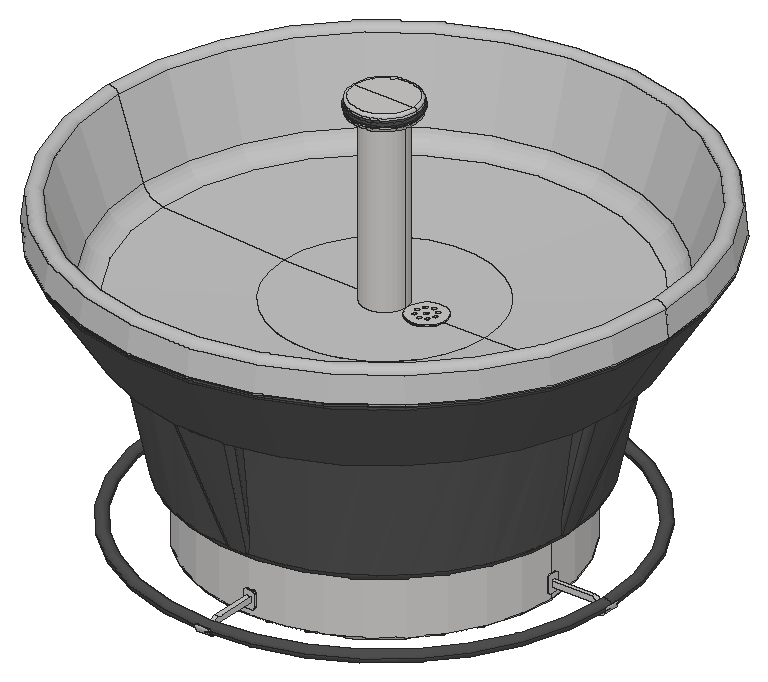
Revit family "Washfountain_Lavatory-Bradley_Corp-WF2808-Type_O_Drain", category Plumbing Fixtures, Revit 2012
Parameters
  Width = 54.000"
  Warranty Information = ""
  WFU = 0
  Voltage = 110 V
  Version = "2.0"
  URL = "http://www.bradleycorp.com/"
  Towel Dispenser Holder [instance] = if((Soap Dispenser), 6.000", 15.000")  # 15.000"
  Towel Dispenser Height [instance] = if((Sensor Module), 55.750", 52.250")  # 52.250"
  TouchTime® Control [instance] = no
  Technical Data = ""
  Supply Height [instance] = if(and(Sensor Module, Soap Dispenser, Towel Dispenser), 72.063", if(and(Sensor Module, Soap Dispenser, No Towel Dispenser), 49.750", if(and(Sensor Module, No Soap Dispenser, No Towel Dispenser), 40.750", if(and(Sensor Module, No Soap Dispenser, Towel Dispenser), 72.063", if(and(No Sensor Module, No Soap Dispenser, No Towel Dispenser), 37.250", if(and(No Sensor Module, No Soap Dispenser, Towel Dispenser), 68.563", if(and(No Sensor Module, Soap Dispenser, Towel Dispenser), 68.563", 46.250")))))))  # 37.250"
  Spray Head Height = 37.250"
  Specifications URL = "http://www.bradleycorp.com/3partspec"
  Soap Dispenser Holder [instance] = 3.000"  # constant formula
  Soap Dispenser Height [instance] = if((Sensor Module), 49.750", 46.250")  # 46.250"
  Sensor Module Height = 40.750"
  Sensor Module [instance] = or(not(Foot Control Valve), TouchTime® Control, Air Valve Hand Control, Adaptive Infrared Activation Control)  # no
  Rim Height = 29.000"
  Product Tech Data URL - Spanish = ""
  Product Tech Data URL - French = ""
  Product Tech Data URL - English = "http://bradleycorp.com/download/1241/2015.pdf"
  Pedestal Material = Plastic - Bradley Corp - Black
  Pedestal Height = 26.000"
  Operating Water Pressure Range = "20 - 80 PSI"
  OmniClass Table 23 Title = "Sinks/Lavatories"
  OmniClass Table 23 Number = "23-31 13 00"
  OmniClass Table 21 Title = "Plumbing Fixtures"
  OmniClass Table 21 Number = "21-04 20 10 60"
  No Towel Dispenser [instance] = not(Towel Dispenser)  # yes
  No Soap Dispenser [instance] = not(Soap Dispenser)  # yes
  No Sensor Module [instance] = not(Sensor Module)  # yes
  Modeling Code = ""
  Model = "WF2808"
  Material Note = "Other Terrazzo colors available - See www.bradleycorp.com "
  MasterFormat Title = "Commercial Lavatories and Sinks"
  MasterFormat Number = "22 42 16"
  Manufacturer = "Bradley Corp"
  Industry Standards = "ANSI Z124.3, Z124.6 and ANSI/ICPA SS-1-2001"
  Hot Lavatory Inlet Radius = Hot Lavatory Inlet / 2  # 1/4"
  Hot Lavatory Inlet = 1/2"
  HWFU = 0
  Frequency = 50 Hz
  Foot Control Valve [instance] = not(or(TouchTime® Control, Air Valve Hand Control, Adaptive Infrared Activation Control))  # yes
  Flow Rate = 5.0 GPM
  Fire Rating = "n/a"
  Drain Radius = Drain / 2  # 1"
  Drain = 2"
  Description = "Washfountain, 54\" Circular with 9\" Deep Bowl"
  Copyright = "This Model Data is Property of Bradley Corporation"
  Cold Lavatory Inlet Radius = Cold Lavatory Inlet / 2  # 1/4"
  Cold Lavatory Inlet = 1/2"
  CWFU = 0
  Buy American Act = "No"
  Button Visibility [instance] = or(TouchTime® Control, Air Valve Hand Control)  # no
  Bowl Material [instance] = Stone - Bradley Corp - Carbon
  Assembly Code = "D2010300"
  Air Valve Hand Control [instance] = no
  Adaptive Infrared Activation Control [instance] = no
  ADA Compliant = "Yes"
  Soap Dispenser [instance] = no
  Towel Dispenser [instance] = no
Reference planes (in)
  plane 1 "Center (Front/Back)": y = 0
  plane 2: z = 0
  plane 3 "Center (Left/Right)": x = 0
  plane 4 "Left": x = -27
  plane 5 "Right": x = 27
  plane 6 "Front": y = -27
  plane 7 "Back": y = 27
  plane 8 "Towel Dispenser": z = 52.25
  plane 9 "Soap Dispenser": z = 46.25
  plane 10 "Sensor Module": z = 40.75
  plane 11 "Spray Head": z = 37.25
  plane 12 "Rim Height": z = 29
  plane 13: z = 40.25
  plane 14 "Pedestal Height": z = 26
Forms (in)
  Revolve 1, solid, material "Stone - Bradley Corp - Carbon" <- "Bowl Material", detail levels medium+fine
    sketch origin (-3, 0, 29) x (1, 0, 0) y (0, 0, 1)
      loop
        line (-19.00041, -10.88) -> (1, -10.88) -> (1, -8.99998) -> (-6.5, -8.99998) -> (-18.04504, -8.54806)
        arc (-18.04504, -8.54806) -> (-19.17262, -8.16768) -> (-19.88451, -7.2141) r 2
        line (-19.88451, -7.2141) -> (-22.2559, -0.49353)
        arc (-22.2559, -0.49353) -> (-23.0061, 0) -> (-23.6919, -0.5797) r 0.75
        line (-23.6919, -0.5797) -> (-24, -2.8881)
        arc (-24, -2.8881) -> (-23.97669, -2.96533) -> (-23.90322, -2.99865) r 0.09764
        line (-23.90322, -2.99865) -> (-23.7906, -2.99865) -> (-23.84579, -3.22848)
        arc (-23.84579, -3.22848) -> (-23.84847, -3.32773) -> (-23.81229, -3.42019) r 0.24994
        line (-23.81229, -3.42019) -> (-19.00041, -10.88)
      axis (3, -0.49353) -> (3, -10.88)
    angle from 0 to 360
  Revolve 2, solid, material "Stone - Bradley Corp - Carbon" <- "Bowl Material", detail levels coarse
    sketch origin (-3, 0, 29) x (1, 0, 0) y (0, 0, 1)
      loop
        line (-24, 0) -> (-24, -3) -> (-23.50943, -3) -> (-19.08564, -10.88) -> (1, -10.88) -> (1, -8.85798) -> (-6.5, -8.85798) -> (-19.43127, -8.4938) -> (-22.43959, 0) -> (-24, 0)
      axis (3, 0) -> (3, -10.88)
    angle from 0 to 360
  Revolve 3, solid, material "Metal - Bradley Corp - Stainless Steel - Polished", detail levels fine
    sketch origin (-3, 0, 37.25) x (1, 0, 0) y (0, 0, 1)
      loop
        arc (0.215, 0.00002) -> (0.03822, -0.0732) -> (-0.035, -0.24998) r 0.25
        line (-0.035, -0.24998) -> (-0.035, -0.44498)
        arc (-0.035, -0.44498) -> (-0.10129, -0.47244) -> (-0.12875, -0.53873) r 0.09375
        line (-0.12875, -0.53873) -> (-0.12875, -0.85123)
        arc (-0.12875, -0.85123) -> (-0.10129, -0.91752) -> (-0.035, -0.94498) r 0.09375
        line (-0.035, -0.94498) -> (-0.035, -1.13998)
        arc (-0.035, -1.13998) -> (0.03822, -1.31676) -> (0.215, -1.38998) r 0.25
        line (0.215, -1.38998) -> (1, -1.38998) -> (1, -18.991) -> (3, -18.991) -> (3, 0.00002) -> (0.215, 0.00002)
      axis (3, 0.00002) -> (3, -18.991)
    angle from 0 to 360
  Revolve 4, solid, material "Metal - Bradley Corp - Stainless Steel - Polished", detail levels coarse+medium
    sketch origin (-3, 0, 37.25) x (1, 0, 0) y (0, 0, 1)
      loop
        line (3, 0) -> (0.21498, 0) -> (-0.12875, -0.44498) -> (-0.12875, -0.94498) -> (0.215, -1.38998) -> (1, -1.38998) -> (1, -18.991) -> (3, -18.991) -> (3, 0)
      axis (3, 0) -> (3, -18.991)
    angle from 0 to 360
  Revolve 5, solid, material "Metal - Bradley Corp - Stainless Steel - Polished", visible <- "Soap Dispenser", detail levels fine
    sketch origin (-3, 0, 46.25) x (1, 0, 0) y (0, 0, 1)
      loop
        arc (-1.17907, 0) -> (-2.18101, -0.11803) -> (-3.1566, -0.375) r 7.19764
        line (-3.1566, -0.375) -> (-3.1566, -1) -> (-3.01376, -1) -> (-3.01376, -1.64327) -> (-2.98301, -1.64327) -> (-2.98301, -2.89327) -> (-2.93039, -2.89327) -> (-2.93039, -4.14327) -> (-2.87777, -4.14327) -> (-2.87777, -5.39327) -> (-2.81, -5.39327) -> (-2.81, -6) -> (3, -6) -> (3, 0) -> (-1.17907, 0)
      axis (3, 0) -> (3, -6)
    angle from 0 to 360
  Revolve 6, solid, material "Metal - Bradley Corp - Stainless Steel - Polished", visible <- "Soap Dispenser", detail levels coarse+medium
    sketch origin (-3, 0, 46.25) x (1, 0, 0) y (0, 0, 1)
      loop
        line (3, -1) -> (-3.1566, -1) -> (-2.81, -6) -> (3, -6) -> (3, -1)
      axis (3, -1) -> (3, -6)
    angle from 0 to 360
  Revolve 7, solid, material "Metal - Bradley Corp - Stainless Steel - Polished", visible <- "Sensor Module", detail levels fine
    sketch origin (-3, 0, 40.75) x (1, 0, 0) y (0, 0, 1)
      loop
        line (-1.49987, -0.56541) -> (-1.49987, -1.98683)
        arc (-1.49987, -1.98683) -> (-1.48063, -2.08301) -> (-1.42587, -2.16439) r 0.25
        line (-1.42587, -2.16439) -> (-0.82309, -2.76716)
        arc (-0.82309, -2.76716) -> (-0.74199, -2.82135) -> (-0.64632, -2.84038) r 0.25
        line (-0.64632, -2.84038) -> (1, -2.84038) -> (1, -3.5) -> (3, -3.5) -> (3, 0) -> (0.89718, 0)
        arc (0.89718, 0) -> (-0.28099, -0.0858) -> (-1.45612, -0.2063) r 40.06
        arc (-1.45612, -0.2063) -> (-1.54124, -0.251) -> (-1.57537, -0.34072) r 0.135
        line (-1.57537, -0.34072) -> (-1.57537, -0.56541) -> (-1.49987, -0.56541)
      axis (3, 0) -> (3, -3.5)
    angle from 0 to 360
  Revolve 8, solid, material "Metal - Bradley Corp - Stainless Steel - Polished", visible <- "Sensor Module", detail levels coarse+medium
    sketch origin (-3, 0, 40.75) x (1, 0, 0) y (0, 0, 1)
      loop
        line (-1.57537, -2.01488) -> (-0.75025, -2.84) -> (1, -2.84) -> (1, -3.5) -> (3, -3.5) -> (3, 0) -> (-1.57537, 0) -> (-1.57537, -2.01488)
      axis (3, 0) -> (3, -3.5)
    angle from 0 to 360
  Extrusion 9, solid, material "Metal - Bradley Corp - Stainless Steel - Polished", visible <- "Towel Dispenser"
    sketch origin (-5.60167, 3.20696, 52.25) x (0, 0, 1) y (0, 1, 0)
      loop
        line (0, 0) -> (15.313, 0) -> (14.62567, 4) -> (1.37502, 4) -> (0, 1.75) -> (0, 0)
    from -0.10167 to -11.10192
  Extrusion 10, solid, material "Metal - Bradley Corp - Stainless Steel - Polished", visible <- "Towel Dispenser"
    sketch origin (-0.06259, -6.38699, 52.25) x (0, 0, 1) y (-0.866025, -0.5, 0)
      loop
        line (0, 0) -> (15.313, 0) -> (14.62567, 4) -> (1.37502, 4) -> (0, 1.75) -> (0, 0)
    from 0 to -11
  Extrusion 11, solid, material "Metal - Bradley Corp - Stainless Steel - Polished", visible <- "Towel Dispenser"
    sketch origin (5.61356, 3.22741, 55.75) x (0, 0, 1) y (0.866038, -0.499977, 0)
      loop
        line (-3.5, 0) -> (11.813, 0) -> (11.12567, 4) -> (-2.12498, 4) -> (-3.5, 1.75) -> (-3.5, 0)
    from -0.10167 to -11.10192
  Extrusion 12, solid, material "Metal - Bradley Corp - Stainless Steel - Polished", visible <- "Towel Dispenser"
    sketch origin (0, 0, 52.25) x (-1, 0, 0) y (0, -1, 0)
      loop
        circle (0, 0) r 2
    from -15 to 16.313
  Extrusion 13, solid, material "Metal - Bradley Corp - Stainless Steel - Polished", visible <- "Soap Dispenser"
    sketch origin (0, 0, 46.25) x (-1, 0, 0) y (0, -1, 0)
      loop
        circle (0, 0) r 2
    from -6 to -9
  Extrusion 14, solid, material "Metal - Bradley Corp - Stainless Steel - Polished", visible <- "Towel Dispenser"
    sketch origin (0, 0, 52.25) x (-1, 0, 0) y (0, -1, 0)
      loop
        line (5.5, -3.20696) -> (5.56259, -3.13929) -> (0.06259, 6.38699) -> (-0.06295, 6.3871) -> (-5.56269, -3.13929) -> (-5.50026, -3.20696) -> (5.5, -3.20696)
      loop
        circle (0, 0) r 2
    from 14.62567 to 14.12567
  Extrusion 15, solid, material "Metal - Bradley Corp - Stainless Steel - Polished", visible <- "Towel Dispenser"
    sketch origin (0, 0, 52.25) x (-1, 0, 0) y (0, -1, 0)
      loop
        line (5.56259, -3.13929) -> (0.06259, 6.38699) -> (-0.06295, 6.3871) -> (-5.56269, -3.13929) -> (-5.50026, -3.20696) -> (5.5, -3.20696) -> (5.56259, -3.13929)
      loop
        circle (0, 0) r 2
    from 1.0786 to 1.5786
  Sweep 16, solid, material "Plastic - Bradley Corp - Black", visible <- "Foot Control Valve"
    path in 3D
      loop
        arc (-21, 0, 0) -> (0, -21, 0) -> (21, 0, 0) r 21
        arc (21, 0, 0) -> (0, 21, 0) -> (-21, 0, 0) r 21
    profile origin (0, 21, 0) x (0, -1, 0) y (0, 0, 1)
      loop
        circle (0, 1.425) r 0.5
  Extrusion 17, solid, material "Metal - Bradley Corp - Stainless Steel - Satin", visible <- "Foot Control Valve"
    sketch origin (0, 0, 0) x (1, 0, 0) y (0, 0, 1)
      loop
        arc (-21.48307, 1.55388) -> (-21.51847, 1.61509) -> (-21.57968, 1.57969) r 0.05
        arc (-21.57968, 1.57969) -> (-21.01372, 0.82503) -> (-20.41385, 1.55302) r 0.6
        arc (-20.41385, 1.55302) -> (-20.47337, 1.59119) -> (-20.51154, 1.53166) r 0.05
        arc (-20.51154, 1.53166) -> (-21.01143, 0.925) -> (-21.48307, 1.55388) r 0.5
      loop
        arc (21.48307, 1.55388) -> (21.01143, 0.925) -> (20.51154, 1.53166) r 0.5
        arc (20.51154, 1.53166) -> (20.47337, 1.59119) -> (20.41385, 1.55302) r 0.05
        arc (20.41385, 1.55302) -> (21.01372, 0.82503) -> (21.57968, 1.57969) r 0.6
        arc (21.57968, 1.57969) -> (21.51847, 1.61509) -> (21.48307, 1.55388) r 0.05
    from -0.67 to 0.67
  Extrusion 18, solid, material "Metal - Bradley Corp - Stainless Steel - Satin", visible <- "Foot Control Valve"
    sketch origin (0, 0, 0) x (0, 1, 0) y (0, 0, 1)
      loop
        arc (21.48307, 1.55401) -> (21.01143, 0.92513) -> (20.51154, 1.53179) r 0.5
        arc (20.51154, 1.53179) -> (20.47337, 1.59132) -> (20.41385, 1.55315) r 0.05
        arc (20.41385, 1.55315) -> (21.01372, 0.82516) -> (21.57968, 1.57982) r 0.6
        arc (21.57968, 1.57982) -> (21.51847, 1.61522) -> (21.48307, 1.55401) r 0.05
      loop
        arc (-21.48307, 1.55401) -> (-21.51847, 1.61522) -> (-21.57968, 1.57982) r 0.05
        arc (-21.57968, 1.57982) -> (-21.01372, 0.82516) -> (-20.41385, 1.55315) r 0.6
        arc (-20.41385, 1.55315) -> (-20.47337, 1.59132) -> (-20.51154, 1.53179) r 0.05
        arc (-20.51154, 1.53179) -> (-21.01143, 0.92513) -> (-21.48307, 1.55401) r 0.5
    from -0.67 to 0.67
  Extrusion 19, solid, material "Metal - Bradley Corp - Stainless Steel - Satin", visible <- "Foot Control Valve"
    sketch origin (0, 0, 0) x (1, 0, 0) y (0, 0, 1)
      loop
        line (-16.0446, 1.26725) -> (-16.0446, 1.76725) -> (-19.80661, 1.76725)
        arc (-19.80661, 1.76725) -> (-20.14911, 1.67556) -> (-20.4, 1.42503) r 0.68556
        arc (-20.4, 1.42503) -> (-20.57574, 1.00076) -> (-21, 0.82503) r 0.6
        arc (-21, 0.82503) -> (-20.42367, 0.87326) -> (-19.94786, 1.20202) r 1.12245
        arc (-19.94786, 1.20202) -> (-19.8844, 1.25015) -> (-19.80661, 1.26725) r 0.18556
        line (-19.80661, 1.26725) -> (-16.0446, 1.26725)
      loop
        line (16.04456, 1.26725) -> (19.80661, 1.26725)
        arc (19.80661, 1.26725) -> (19.8844, 1.25015) -> (19.94786, 1.20202) r 0.18556
        arc (19.94786, 1.20202) -> (20.42367, 0.87326) -> (21, 0.82503) r 1.12245
        arc (21, 0.82503) -> (20.57574, 1.00076) -> (20.4, 1.42503) r 0.6
        arc (20.4, 1.42503) -> (20.14911, 1.67556) -> (19.80661, 1.76725) r 0.68556
        line (19.80661, 1.76725) -> (16.04456, 1.76725) -> (16.04456, 1.26725)
    from -0.2 to 0.2
  Extrusion 20, solid, material "Metal - Bradley Corp - Stainless Steel - Satin", visible <- "Foot Control Valve"
    sketch origin (0, 0, 0) x (0, 1, 0) y (0, 0, 1)
      loop
        line (16.04286, 1.27219) -> (19.80754, 1.27219)
        arc (19.80754, 1.27219) -> (19.88533, 1.25509) -> (19.94879, 1.20696) r 0.18556
        arc (19.94879, 1.20696) -> (20.4246, 0.8782) -> (21.00093, 0.82997) r 1.12245
        arc (21.00093, 0.82997) -> (20.57666, 1.0057) -> (20.40093, 1.42997) r 0.6
        arc (20.40093, 1.42997) -> (20.15004, 1.6805) -> (19.80754, 1.77219) r 0.68556
        line (19.80754, 1.77219) -> (16.04286, 1.77219) -> (16.04286, 1.27219)
      loop
        line (-16.04458, 1.27219) -> (-16.04458, 1.77219) -> (-19.80754, 1.77219)
        arc (-19.80754, 1.77219) -> (-20.15004, 1.6805) -> (-20.40093, 1.42997) r 0.68556
        arc (-20.40093, 1.42997) -> (-20.57666, 1.0057) -> (-21.00093, 0.82997) r 0.6
        arc (-21.00093, 0.82997) -> (-20.4246, 0.8782) -> (-19.94879, 1.20696) r 1.12245
        arc (-19.94879, 1.20696) -> (-19.88533, 1.25509) -> (-19.80754, 1.27219) r 0.18556
        line (-19.80754, 1.27219) -> (-16.04458, 1.27219)
    from -0.19588 to 0.2
  Extrusion 21, solid, material "Metal - Bradley Corp - Stainless Steel - Satin", visible <- "Foot Control Valve"
    sketch origin (0, 0, 0) x (0, 1, 0) y (0, 0, 1)
      loop
        line (0.25501, 2.33461) -> (-0.24499, 2.33461)
        arc (-0.24499, 2.33461) -> (-0.42177, 2.26139) -> (-0.49499, 2.08461) r 0.25
        line (-0.49499, 2.08461) -> (-0.49499, 0.95961)
        arc (-0.49499, 0.95961) -> (-0.42177, 0.78284) -> (-0.24499, 0.70961) r 0.25
        line (-0.24499, 0.70961) -> (0.25501, 0.70961)
        arc (0.25501, 0.70961) -> (0.43178, 0.78284) -> (0.50501, 0.95961) r 0.25
        line (0.50501, 0.95961) -> (0.50501, 2.08461)
        arc (0.50501, 2.08461) -> (0.43178, 2.26139) -> (0.25501, 2.33461) r 0.25
      loop
        line (0.24214, 1.22802) -> (0.24214, 1.81621) -> (-0.23845, 1.81621) -> (-0.23845, 1.22802) -> (0.24214, 1.22802)
    from -16.0446 to -15.8946
  Extrusion 22, solid, material "Metal - Bradley Corp - Stainless Steel - Satin", visible <- "Foot Control Valve"
    sketch origin (0, 0, 0) x (0, 1, 0) y (0, 0, 1)
      loop
        arc (-0.25501, 2.33461) -> (-0.43178, 2.26139) -> (-0.50501, 2.08461) r 0.25
        line (-0.50501, 2.08461) -> (-0.50501, 0.95961)
        arc (-0.50501, 0.95961) -> (-0.43178, 0.78284) -> (-0.25501, 0.70961) r 0.25
        line (-0.25501, 0.70961) -> (0.24499, 0.70961)
        arc (0.24499, 0.70961) -> (0.42177, 0.78284) -> (0.49499, 0.95961) r 0.25
        line (0.49499, 0.95961) -> (0.49499, 2.08461)
        arc (0.49499, 2.08461) -> (0.42177, 2.26139) -> (0.24499, 2.33461) r 0.25
        line (0.24499, 2.33461) -> (-0.25501, 2.33461)
      loop
        line (-0.24214, 1.22802) -> (0.23845, 1.22802) -> (0.23845, 1.81621) -> (-0.24214, 1.81621) -> (-0.24214, 1.22802)
    from 15.89284 to 16.04456
  Extrusion 23, solid, material "Metal - Bradley Corp - Stainless Steel - Satin", visible <- "Foot Control Valve"
    sketch origin (0, 0, 0) x (1, 0, 0) y (0, 0, 1)
      loop
        arc (-0.25501, 2.33461) -> (-0.43178, 2.26139) -> (-0.50501, 2.08461) r 0.25
        line (-0.50501, 2.08461) -> (-0.50501, 0.95961)
        arc (-0.50501, 0.95961) -> (-0.43178, 0.78284) -> (-0.25501, 0.70961) r 0.25
        line (-0.25501, 0.70961) -> (0.24499, 0.70961)
        arc (0.24499, 0.70961) -> (0.42177, 0.78284) -> (0.49499, 0.95961) r 0.25
        line (0.49499, 0.95961) -> (0.49499, 2.08461)
        arc (0.49499, 2.08461) -> (0.42177, 2.26139) -> (0.24499, 2.33461) r 0.25
        line (0.24499, 2.33461) -> (-0.25501, 2.33461)
      loop
        line (-0.24214, 1.22802) -> (0.23845, 1.22802) -> (0.23845, 1.81621) -> (-0.24214, 1.81621) -> (-0.24214, 1.22802)
    from -16.04286 to -15.89458
  Extrusion 24, solid, material "Metal - Bradley Corp - Stainless Steel - Satin", visible <- "Foot Control Valve"
    sketch origin (0, 0, 0) x (1, 0, 0) y (0, 0, 1)
      loop
        line (0.25501, 2.33461) -> (-0.24499, 2.33461)
        arc (-0.24499, 2.33461) -> (-0.42177, 2.26139) -> (-0.49499, 2.08461) r 0.25
        line (-0.49499, 2.08461) -> (-0.49499, 0.95961)
        arc (-0.49499, 0.95961) -> (-0.42177, 0.78284) -> (-0.24499, 0.70961) r 0.25
        line (-0.24499, 0.70961) -> (0.25501, 0.70961)
        arc (0.25501, 0.70961) -> (0.43178, 0.78284) -> (0.50501, 0.95961) r 0.25
        line (0.50501, 0.95961) -> (0.50501, 2.08461)
        arc (0.50501, 2.08461) -> (0.43178, 2.26139) -> (0.25501, 2.33461) r 0.25
      loop
        line (0.24214, 1.22802) -> (0.24214, 1.81621) -> (-0.23845, 1.81621) -> (-0.23845, 1.22802) -> (0.24214, 1.22802)
    from 15.89458 to 16.04458
  Extrusion 25, void
    sketch origin (0, 0, 18.12) x (-1, 0, 0) y (0, -1, 0)
      loop
        circle (-4, 0) r 1.75
    from 0 to 10.88
  Extrusion 26, solid, material "Metal - Bradley Corp - Stainless Steel - Polished", detail levels medium+fine
    sketch origin (0, 0, 18.12) x (-1, 0, 0) y (0, -1, 0)
      loop
        circle (-4, 0) r 1.75
      loop
        circle (-4, 0) r 0.1842
      loop
        circle (-4, -0.87771) r 0.1842
      loop
        circle (-3.12229, 0) r 0.1842
      loop
        circle (-4, 0.87771) r 0.1842
      loop
        circle (-4.87771, 0) r 0.1842
      loop
        circle (-4.62063, -0.62063) r 0.1842
      loop
        circle (-3.37937, -0.62063) r 0.1842
      loop
        circle (-3.37937, 0.62063) r 0.1842
      loop
        circle (-4.62063, 0.62063) r 0.1842
    from 1.97531 to 2.02202
  Extrusion 27, solid, material "Default", not visible, detail levels medium+fine
    sketch origin (0, 0, 0) x (1, 0, 0) y (0, 1, 0)
      loop
        circle (4, 0) r 1
      loop
        line (1, 5.5) -> (-1, 5.5) -> (-1, 4.5) -> (1, 4.5) -> (1, 5.5)
    from 0 to 3
  SweptBlend 28, solid, material "Plastic - Bradley Corp - Black" <- "Pedestal Material", detail levels medium+fine
    path in 3D
      loop
        line (-17.47033, -0.07207, 6.24986) -> (-22.00672, -0.07207, 18.12)
    profile origin (-17.47033, -0.07207, 6.24986) x (0, 1, 0) y (-0.934109, 0, -0.356987)
      loop
        arc (1.10677, -0.31109) -> (1.01994, -0.10145) -> (0.8103, -0.01461) r 0.29648
        arc (0.8103, -0.01461) -> (0, 0.02141) -> (-0.8103, -0.01461) r 9.13062
        arc (-0.8103, -0.01461) -> (-1.01994, -0.10145) -> (-1.10677, -0.31109) r 0.29648
        line (-1.10677, -0.31109) -> (-1.10677, -2.07277) -> (1.10677, -2.07277) -> (1.10677, -0.31109)
    end profile origin (-22.00672, -0.07207, 18.12) x (0, 1, 0) y (-0.934109, 0, -0.356987)
      loop
        spline (2.38834, -0.11493) -> (2.00339, -0.08006) -> (1.61784, -0.05152) -> (1.23182, -0.02931) -> (0.84544, -0.01344) -> (0.45881, -0.00392) -> (0.07207, -0.00074) -> (-0.31467, -0.00392) -> (-0.70129, -0.01344) -> (-1.08767, -0.02931) -> (-1.4737, -0.05152) -> (-1.85924, -0.08006) -> (-2.24419, -0.11493)
        arc (-2.24419, -0.11493) -> (-2.58078, -0.31531) -> (-2.71312, -0.684) r 0.57976
        line (-2.71312, -0.684) -> (-2.20765, -2.07277) -> (2.35179, -2.07277) -> (2.85726, -0.684)
        arc (2.85726, -0.684) -> (2.72493, -0.31531) -> (2.38834, -0.11493) r 0.57976
  Revolve 29, solid, material "Plastic - Bradley Corp - Black" <- "Pedestal Material", detail levels medium+fine
    sketch origin (0, 0, 0) x (1, 0, 0) y (0, 0, 1)
      loop
        arc (-17.49891, 6.32544) -> (-17.17129, 5.84995) -> (-16.62363, 5.66694) r 0.91095
        line (-16.62363, 5.66694) -> (0, 5.66694) -> (0, 18.12) -> (-20.00592, 18.12) -> (-17.49891, 6.32544)
      axis (0, 18.12) -> (0, 5.66694)
    angle from 0 to 360
  SweptBlend 30, solid, material "Plastic - Bradley Corp - Black" <- "Pedestal Material", detail levels medium+fine
    path in 3D
      loop
        line (0.07207, -17.47033, 6.24986) -> (0.07207, -22.00672, 18.12)
    profile origin (0.07207, -17.47033, 6.24986) x (-0.135177, 0.925536, 0.35371) y (-0.990822, -0.12627, -0.048256)
      loop
        arc (0.45784, 1.05456) -> (0.23839, 0.99686) -> (0.12401, 0.80089) r 0.29648
        arc (0.12401, 0.80089) -> (-0.02122, 0.00289) -> (-0.09506, -0.80484) r 9.13062
        arc (-0.09506, -0.80484) -> (-0.03736, -1.02429) -> (0.15862, -1.13867) r 0.29648
        line (0.15862, -1.13867) -> (1.90413, -1.3768) -> (2.20335, 0.81642) -> (0.45784, 1.05456)
    end profile origin (0.07207, -22.00672, 18.12) x (-0.135177, 0.925536, 0.35371) y (-0.990822, -0.12627, -0.048256)
      loop
        spline (0.43672, 2.35088) -> (0.35014, 1.97418) -> (0.26974, 1.59603) -> (0.19555, 1.21655) -> (0.1276, 0.83586) -> (0.0659, 0.45407) -> (0.01048, 0.07131) -> (-0.03866, -0.31231) -> (-0.08148, -0.69667) -> (-0.11799, -1.08165) -> (-0.14817, -1.46713) -> (-0.172, -1.853) -> (-0.18949, -2.23913)
        arc (-0.18949, -2.23913) -> (-0.03645, -2.59972) -> (0.31097, -2.78068) r 0.57976
        line (0.31097, -2.78068) -> (1.75532, -2.46757) -> (2.37165, 2.05002) -> (1.06395, 2.73858)
        arc (1.06395, 2.73858) -> (0.68076, 2.6573) -> (0.43672, 2.35088) r 0.57976
  SweptBlend 31, solid, material "Plastic - Bradley Corp - Black" <- "Pedestal Material", detail levels medium+fine
    path in 3D
      loop
        line (17.47033, 0.07207, 6.24986) -> (22.00672, 0.07207, 18.12)
    profile origin (17.47033, 0.07207, 6.24986) x (-0.12862, 0.990475, 0.049154) y (-0.925212, -0.137692, 0.353587)
      loop
        arc (-1.0534, 0.46052) -> (-0.99625, 0.24092) -> (-0.80057, 0.12604) r 0.29648
        arc (-0.80057, 0.12604) -> (-0.00295, -0.02121) -> (0.80459, -0.0971) r 9.13062
        arc (0.80459, -0.0971) -> (1.02419, -0.03996) -> (1.13907, 0.15573) r 0.29648
        line (1.13907, 0.15573) -> (1.38164, 1.90063) -> (-0.81083, 2.20542) -> (-1.0534, 0.46052)
    end profile origin (22.00672, 0.07207, 18.12) x (-0.12862, 0.990475, 0.049154) y (-0.925212, -0.137692, 0.353587)
      loop
        spline (-2.34977, 0.44269) -> (-1.97328, 0.35515) -> (-1.59534, 0.27379) -> (-1.21605, 0.19864) -> (-0.83553, 0.12972) -> (-0.4539, 0.06705) -> (-0.07128, 0.01066) -> (0.31221, -0.03945) -> (0.69646, -0.08325) -> (1.08135, -0.12074) -> (1.46675, -0.15189) -> (1.85256, -0.17671) -> (2.23864, -0.19518)
        arc (2.23864, -0.19518) -> (2.59962, -0.04305) -> (2.78146, 0.30391) r 0.57976
        line (2.78146, 0.30391) -> (2.47202, 1.74905) -> (-2.04399, 2.37685) -> (-2.73587, 1.0709)
        arc (-2.73587, 1.0709) -> (-2.65556, 0.6875) -> (-2.34977, 0.44269) r 0.57976
  SweptBlend 32, solid, material "Plastic - Bradley Corp - Black" <- "Pedestal Material", detail levels medium+fine
    path in 3D
      loop
        line (-0.07207, 17.47033, 6.24986) -> (-0.07207, 22.00672, 18.12)
    profile origin (-0.07207, 17.47033, 6.24986) x (-0.265556, 0.900571, -0.344169) y (-0.964096, -0.248058, 0.0948)
      loop
        arc (-0.59383, -0.98442) -> (-0.36865, -0.95638) -> (-0.22927, -0.77732) r 0.29648
        arc (-0.22927, -0.77732) -> (0.02065, -0.00569) -> (0.20109, 0.78508) r 9.13062
        arc (0.20109, 0.78508) -> (0.17305, 1.01026) -> (-0.00601, 1.14965) r 0.29648
        line (-0.00601, 1.14965) -> (-1.70444, 1.61747) -> (-2.29225, -0.5166) -> (-0.59383, -0.98442)
    end profile origin (-0.07207, 22.00672, 18.12) x (-0.265556, 0.900571, -0.344169) y (-0.964096, -0.248058, 0.0948)
      loop
        spline (-0.74504, -2.27207) -> (-0.6092, -1.9102) -> (-0.47929, -1.54607) -> (-0.35537, -1.17981) -> (-0.23747, -0.81151) -> (-0.12562, -0.4413) -> (-0.01985, -0.06929) -> (0.07979, 0.30441) -> (0.17327, 0.67968) -> (0.26058, 1.0564) -> (0.34168, 1.43446) -> (0.41655, 1.81375) -> (0.48516, 2.19414)
        arc (0.48516, 2.19414) -> (0.38136, 2.57185) -> (0.06105, 2.79734) r 0.57976
        line (0.06105, 2.79734) -> (-1.41209, 2.67882) -> (-2.62288, -1.71692) -> (-1.4182, -2.57304)
        arc (-1.4182, -2.57304) -> (-1.02761, -2.54336) -> (-0.74504, -2.27207) r 0.57976
  Revolve 33, solid, material "Metal - Bradley Corp - Stainless Steel - Satin"
    sketch origin (0, 0, 0) x (1, 0, 0) y (0, 0, 1)
      loop
        line (-15.89458, 5.66694) -> (-15.89458, 0.09391)
        arc (-15.89458, 0.09391) -> (-15.86599, 0.0274) -> (-15.799, 0) r 0.0956
        line (-15.799, 0) -> (0, 0) -> (0, 5.66694) -> (-15.89458, 5.66694)
      axis (0, 5.66694) -> (0, 0)
    angle from 0 to 360
  Revolve 34, solid, material "Plastic - Bradley Corp - Black" <- "Pedestal Material", detail levels coarse
    sketch origin (0, 0, 0) x (0, 1, 0) y (0, 0, 1)
      loop
        line (22.00592, 18.12) -> (0, 18.12) -> (0, 5.66694) -> (17.27314, 5.66694) -> (22.00592, 18.12)
      axis (0, 18.12) -> (0, 5.66694)
    angle from 0 to 360
  Extrusion 35, solid, material "Default", not visible, detail levels medium+fine
    sketch origin (0, 0, 0) x (1, 0, 0) y (0, 1, 0)
      loop
        circle (-0.875, 1.25) r 0.25
      loop
        circle (0.875, 1.25) r 0.25
    from 0 to 37.25
  Revolve 36, solid, material "Plastic - Bradley Corp - Black", visible <- "Soap Dispenser", detail levels coarse+medium
    sketch origin (-3, 0, 46.25) x (1, 0, 0) y (0, 0, 1)
      loop
        line (-3.22592, 0) -> (-3.1566, -1) -> (3, -1) -> (3, 0) -> (-3.22592, 0)
      axis (3, 0) -> (3, -1)
    angle from 0 to 360
  Extrusion 37, solid, material "Metal - Bradley Corp - Stainless Steel - Polished", visible <- "Button Visibility"
    sketch origin (-3, 0, 40.75) x (1, 0, 0) y (0, 0, 1)
      loop
        circle (3, -1.3649) r 0.5
    from 4.57537 to 4.97537
  Extrusion 38, solid, material "Metal - Bradley Corp - Stainless Steel - Polished", visible <- "Button Visibility"
    sketch origin (-3, 0, 40.75) x (1, 0, 0) y (0, 0, 1)
      loop
        circle (3, -1.3649) r 0.5
    from -4.97537 to -4.57537
  Extrusion 39, solid, material "Metal - Bradley Corp - Stainless Steel - Polished", visible <- "Button Visibility", detail levels fine
    sketch origin (-3, 0, 40.75) x (1, 0, 0) y (0, 0, 1)
      loop
        circle (3, -1.3649) r 0.25
    from 4.49987 to 4.57537
  Extrusion 40, solid, material "Metal - Bradley Corp - Stainless Steel - Polished", visible <- "Button Visibility", detail levels fine
    sketch origin (-3, 0, 40.75) x (1, 0, 0) y (0, 0, 1)
      loop
        circle (3, -1.3649) r 0.25
    from -4.57537 to -4.49987
Cuts and joins
  Extrusion 25 cuts Revolve 2
  Extrusion 25 cuts Revolve 1
  joined: SweptBlend 28, Revolve 29, SweptBlend 30, SweptBlend 31, SweptBlend 32
Lines and regions (in)
  Masking region 1, detail levels coarse
    outline origin (-3, 0, 29) x (1, 0, 0) y (0, 0, 1)
      loop
        line (-24, 0) -> (-24, -3) -> (-23.5095, -3) -> (-19.08642, -10.88) -> (25.08642, -10.88) -> (29.5095, -3) -> (30, -3) -> (30, 0) -> (-24, 0)
  Masking region 2, detail levels medium+fine
    outline origin (-3, 0, 29) x (1, 0, 0) y (0, 0, 1)
      loop
        arc (-22.96118, 0.00001) -> (-23.42797, -0.16297) -> (-23.6919, -0.58104) r 0.75
        line (-23.6919, -0.58104) -> (-24, -2.88945)
        arc (-24, -2.88945) -> (-23.97669, -2.96667) -> (-23.90322, -3) r 0.09764
        line (-23.90322, -3) -> (-23.7906, -3) -> (-23.84579, -3.22983)
        arc (-23.84579, -3.22983) -> (-23.84847, -3.32908) -> (-23.81229, -3.42153) r 0.24994
        line (-23.81229, -3.42153) -> (-19.00128, -10.88) -> (25.00127, -10.88) -> (29.81229, -3.42153)
        arc (29.81229, -3.42153) -> (29.84847, -3.32907) -> (29.84579, -3.22982) r 0.24994
        line (29.84579, -3.22982) -> (29.7906, -2.99999) -> (29.90322, -2.99999)
        arc (29.90322, -2.99999) -> (29.97669, -2.96666) -> (30, -2.88944) r 0.09764
        line (30, -2.88944) -> (29.6919, -0.58104)
        arc (29.6919, -0.58104) -> (29.42797, -0.16296) -> (28.96118, 0.00001) r 0.75
        line (28.96118, 0.00001) -> (-22.96118, 0.00001)
  Masking region 3, detail levels coarse
    outline origin (0, 3, 29) x (0, -1, 0) y (0, 0, 1)
      loop
        line (-24, 0) -> (-24, -3) -> (-23.5095, -3) -> (-19.08642, -10.88) -> (25.08642, -10.88) -> (29.5095, -3) -> (30, -3) -> (30, 0) -> (-24, 0)
  Masking region 4, detail levels medium+fine
    outline origin (0, 3, 29) x (0, -1, 0) y (0, 0, 1)
      loop
        arc (-22.97735, -0.00017) -> (-23.43427, -0.16803) -> (-23.6919, -0.58104) r 0.75
        line (-23.6919, -0.58104) -> (-24, -2.88945)
        arc (-24, -2.88945) -> (-23.97669, -2.96667) -> (-23.90322, -3) r 0.09764
        line (-23.90322, -3) -> (-23.7906, -3) -> (-23.84579, -3.22983)
        arc (-23.84579, -3.22983) -> (-23.84847, -3.32908) -> (-23.81229, -3.42153) r 0.24994
        line (-23.81229, -3.42153) -> (-19.00128, -10.88) -> (25.00128, -10.88) -> (29.81229, -3.42153)
        arc (29.81229, -3.42153) -> (29.84847, -3.32908) -> (29.84579, -3.22983) r 0.24994
        line (29.84579, -3.22983) -> (29.7906, -3) -> (29.90322, -3)
        arc (29.90322, -3) -> (29.97669, -2.96667) -> (30, -2.88945) r 0.09764
        line (30, -2.88945) -> (29.6919, -0.58104)
        arc (29.6919, -0.58104) -> (29.43427, -0.16803) -> (28.97735, -0.00017) r 0.75
        line (28.97735, -0.00017) -> (-22.97735, -0.00017)
  Masking region 5, visible <- "Soap Dispenser", detail levels coarse+medium
    outline origin (-3, 0, 46.25) x (1, 0, 0) y (0, 0, 1)
      loop
        line (-3.22592, 0) -> (-2.81, -6) -> (8.81, -6) -> (9.22592, 0) -> (-3.22592, 0)
  Masking region 6, visible <- "Soap Dispenser", detail levels fine
    outline origin (-3, 0, 46.25) x (1, 0, 0) y (0, 0, 1)
      loop
        arc (-1.17907, 0) -> (-2.18101, -0.11803) -> (-3.1566, -0.375) r 7.19764
        line (-3.1566, -0.375) -> (-3.1566, -1) -> (-3.01376, -1) -> (-3.01376, -1.64327) -> (-2.98301, -1.64327) -> (-2.98301, -2.89327) -> (-2.93039, -2.89327) -> (-2.93039, -4.14327) -> (-2.87777, -4.14327) -> (-2.87777, -5.39327) -> (-2.81, -5.39327) -> (-2.81, -6) -> (8.81, -6) -> (8.81, -5.39327) -> (8.87777, -5.39327) -> (8.87777, -4.14327) -> (8.93039, -4.14327) -> (8.93039, -2.89327) -> (8.98301, -2.89327) -> (8.98301, -1.64327) -> (9.01376, -1.64327) -> (9.01376, -1) -> (9.1566, -1) -> (9.1566, -0.375)
        arc (9.1566, -0.375) -> (8.18101, -0.11803) -> (7.17907, 0) r 7.19764
        line (7.17907, 0) -> (-1.17907, 0)
  Masking region 7, visible <- "Soap Dispenser", detail levels coarse+medium
    outline origin (0, 3, 46.25) x (0, -1, 0) y (0, 0, 1)
      loop
        line (-3.22592, 0) -> (-2.81, -6) -> (8.81, -6) -> (9.22592, 0) -> (-3.22592, 0)
  Masking region 8, visible <- "Soap Dispenser", detail levels fine
    outline origin (0, 3, 46.25) x (0, -1, 0) y (0, 0, 1)
      loop
        arc (-1.17907, 0) -> (-2.18101, -0.11803) -> (-3.1566, -0.375) r 7.19764
        line (-3.1566, -0.375) -> (-3.1566, -1) -> (-3.01376, -1) -> (-3.01376, -1.64327) -> (-2.98301, -1.64327) -> (-2.98301, -2.89327) -> (-2.93039, -2.89327) -> (-2.93039, -4.14327) -> (-2.87777, -4.14327) -> (-2.87777, -5.39327) -> (-2.81, -5.39327) -> (-2.81, -6) -> (8.81, -6) -> (8.81, -5.39327) -> (8.87777, -5.39327) -> (8.87777, -4.14327) -> (8.93039, -4.14327) -> (8.93039, -2.89327) -> (8.98301, -2.89327) -> (8.98301, -1.64327) -> (9.01376, -1.64327) -> (9.01376, -1) -> (9.1566, -1) -> (9.1566, -0.375)
        arc (9.1566, -0.375) -> (8.18101, -0.11803) -> (7.17907, 0) r 7.19764
        line (7.17907, 0) -> (-1.17907, 0)
  Masking region 9, detail levels coarse+medium
    outline origin (-3, 0, 37.25) x (1, 0, 0) y (0, 0, 1)
      loop
        line (0.21498, 0) -> (-0.12875, -0.44498) -> (-0.12875, -0.94498) -> (0.215, -1.38998) -> (1, -1.38998) -> (1, -8.25) -> (5, -8.25) -> (5, -1.38998) -> (5.785, -1.38998) -> (6.12875, -0.94498) -> (6.12875, -0.44498) -> (5.78502, 0) -> (0.21498, 0)
  Masking region 10, detail levels fine
    outline origin (-3, 0, 37.25) x (1, 0, 0) y (0, 0, 1)
      loop
        arc (0.215, 0.00002) -> (0.03822, -0.0732) -> (-0.035, -0.24998) r 0.25
        line (-0.035, -0.24998) -> (-0.035, -0.44498)
        arc (-0.035, -0.44498) -> (-0.10129, -0.47244) -> (-0.12875, -0.53873) r 0.09375
        line (-0.12875, -0.53873) -> (-0.12875, -0.85123)
        arc (-0.12875, -0.85123) -> (-0.10129, -0.91752) -> (-0.035, -0.94498) r 0.09375
        line (-0.035, -0.94498) -> (-0.035, -1.13998)
        arc (-0.035, -1.13998) -> (0.03822, -1.31676) -> (0.215, -1.38998) r 0.25
        line (0.215, -1.38998) -> (1, -1.38998) -> (1, -8.25) -> (5, -8.25) -> (5, -1.38998) -> (5.785, -1.38998)
        arc (5.785, -1.38998) -> (5.96178, -1.31676) -> (6.035, -1.13998) r 0.25
        line (6.035, -1.13998) -> (6.035, -0.94498)
        arc (6.035, -0.94498) -> (6.10129, -0.91752) -> (6.12875, -0.85123) r 0.09375
        line (6.12875, -0.85123) -> (6.12875, -0.53873)
        arc (6.12875, -0.53873) -> (6.10129, -0.47244) -> (6.035, -0.44498) r 0.09375
        line (6.035, -0.44498) -> (6.035, -0.24998)
        arc (6.035, -0.24998) -> (5.96178, -0.0732) -> (5.785, 0.00002) r 0.25
        line (5.785, 0.00002) -> (0.215, 0.00002)
  Masking region 11, detail levels coarse+medium
    outline origin (0, 3, 37.25) x (0, -1, 0) y (0, 0, 1)
      loop
        line (-0.12875, -0.44498) -> (-0.12875, -0.94498) -> (0.215, -1.38998) -> (1, -1.38998) -> (1, -8.25) -> (5, -8.25) -> (5, -1.38998) -> (5.785, -1.38998) -> (6.12875, -0.94498) -> (6.12875, -0.44498) -> (5.78502, 0) -> (0.21498, 0) -> (-0.12875, -0.44498)
  Masking region 12, detail levels fine
    outline origin (0, 3, 37.25) x (0, -1, 0) y (0, 0, 1)
      loop
        arc (0.215, 0.00002) -> (0.03822, -0.0732) -> (-0.035, -0.24998) r 0.25
        line (-0.035, -0.24998) -> (-0.035, -0.44498)
        arc (-0.035, -0.44498) -> (-0.10129, -0.47244) -> (-0.12875, -0.53873) r 0.09375
        line (-0.12875, -0.53873) -> (-0.12875, -0.85123)
        arc (-0.12875, -0.85123) -> (-0.10129, -0.91752) -> (-0.035, -0.94498) r 0.09375
        line (-0.035, -0.94498) -> (-0.035, -1.13998)
        arc (-0.035, -1.13998) -> (0.03822, -1.31676) -> (0.215, -1.38998) r 0.25
        line (0.215, -1.38998) -> (1, -1.38998) -> (1, -8.25) -> (5, -8.25) -> (5, -1.38998) -> (5.785, -1.38998)
        arc (5.785, -1.38998) -> (5.96178, -1.31676) -> (6.035, -1.13998) r 0.25
        line (6.035, -1.13998) -> (6.035, -0.94498)
        arc (6.035, -0.94498) -> (6.10129, -0.91752) -> (6.12875, -0.85123) r 0.09375
        line (6.12875, -0.85123) -> (6.12875, -0.53873)
        arc (6.12875, -0.53873) -> (6.10129, -0.47244) -> (6.035, -0.44498) r 0.09375
        line (6.035, -0.44498) -> (6.035, -0.24998)
        arc (6.035, -0.24998) -> (5.96178, -0.0732) -> (5.785, 0.00002) r 0.25
        line (5.785, 0.00002) -> (0.215, 0.00002)
  Masking region 13, visible <- "Sensor Module", detail levels coarse+medium
    outline origin (-3, 0, 40.75) x (1, 0, 0) y (0, 0, 1)
      loop
        line (-1.5755, 0) -> (-1.5755, -2.01488) -> (-0.75, -2.84038) -> (1, -2.84038) -> (1, -3.5) -> (5, -3.5) -> (5, -2.84) -> (6.75025, -2.84) -> (7.57537, -2.01488) -> (7.57537, 0) -> (-1.5755, 0)
  Masking region 14, visible <- "Sensor Module", detail levels fine
    outline origin (-3, 0, 40.75) x (1, 0, 0) y (0, 0, 1)
      loop
        line (-1.49987, -0.56541) -> (-1.49987, -1.98683)
        arc (-1.49987, -1.98683) -> (-1.48063, -2.08301) -> (-1.42587, -2.16439) r 0.25
        line (-1.42587, -2.16439) -> (-0.82309, -2.76716)
        arc (-0.82309, -2.76716) -> (-0.74199, -2.82135) -> (-0.64632, -2.84038) r 0.25
        line (-0.64632, -2.84038) -> (1, -2.84038) -> (1, -3.5) -> (5, -3.5) -> (5, -2.84038) -> (6.64632, -2.84038)
        arc (6.64632, -2.84038) -> (6.74199, -2.82135) -> (6.82309, -2.76716) r 0.25
        line (6.82309, -2.76716) -> (7.42587, -2.16439)
        arc (7.42587, -2.16439) -> (7.48063, -2.08301) -> (7.49987, -1.98683) r 0.25
        line (7.49987, -1.98683) -> (7.49987, -0.56541) -> (7.57537, -0.56541) -> (7.57537, -0.34072)
        arc (7.57537, -0.34072) -> (7.54124, -0.251) -> (7.45612, -0.20664) r 0.135
        arc (7.45612, -0.20664) -> (6.28099, -0.0858) -> (5.10282, 0) r 40.06
        line (5.10282, 0) -> (0.89718, 0)
        arc (0.89718, 0) -> (-0.28099, -0.0858) -> (-1.45612, -0.2063) r 40.06
        arc (-1.45612, -0.2063) -> (-1.54124, -0.251) -> (-1.57537, -0.34072) r 0.135
        line (-1.57537, -0.34072) -> (-1.57537, -0.56541) -> (-1.49987, -0.56541)
  Masking region 15, visible <- "Sensor Module", detail levels coarse+medium
    outline origin (0, 3, 40.75) x (0, -1, 0) y (0, 0, 1)
      loop
        line (-1.57537, 0) -> (-1.57537, -2.01488) -> (-0.74987, -2.84038) -> (1, -2.84038) -> (1, -3.5) -> (5, -3.5) -> (5, -2.84) -> (6.75025, -2.84) -> (7.57537, -2.01488) -> (7.57537, 0) -> (-1.57537, 0)
  Masking region 16, visible <- "Sensor Module", detail levels fine
    outline origin (0, 3, 40.75) x (0, -1, 0) y (0, 0, 1)
      loop
        line (-1.49987, -0.56541) -> (-1.49987, -1.98683)
        arc (-1.49987, -1.98683) -> (-1.48063, -2.08301) -> (-1.42587, -2.16439) r 0.25
        line (-1.42587, -2.16439) -> (-0.82309, -2.76716)
        arc (-0.82309, -2.76716) -> (-0.74199, -2.82135) -> (-0.64632, -2.84038) r 0.25
        line (-0.64632, -2.84038) -> (1, -2.84038) -> (1, -3.5) -> (5, -3.5) -> (5, -2.84038) -> (6.64632, -2.84038)
        arc (6.64632, -2.84038) -> (6.74199, -2.82135) -> (6.82309, -2.76716) r 0.25
        line (6.82309, -2.76716) -> (7.42587, -2.16439)
        arc (7.42587, -2.16439) -> (7.48063, -2.08301) -> (7.49987, -1.98683) r 0.25
        line (7.49987, -1.98683) -> (7.49987, -0.56541) -> (7.57537, -0.56541) -> (7.57537, -0.34072)
        arc (7.57537, -0.34072) -> (7.54124, -0.251) -> (7.45612, -0.20664) r 0.135
        arc (7.45612, -0.20664) -> (6.28099, -0.0858) -> (5.10282, 0) r 40.06
        line (5.10282, 0) -> (0.89718, 0)
        arc (0.89718, 0) -> (-0.28099, -0.0858) -> (-1.45612, -0.2063) r 40.06
        arc (-1.45612, -0.2063) -> (-1.54124, -0.251) -> (-1.57537, -0.34072) r 0.135
        line (-1.57537, -0.34072) -> (-1.57537, -0.56541) -> (-1.49987, -0.56541)
  Masking region 17
    outline origin (0, 0, 29) x (-1, 0, 0) y (0, -1, 0)
      loop
        circle (0, 0) r 27
  Masking region 18, visible <- "Soap Dispenser"
    outline origin (0, 0, 46.25) x (-1, 0, 0) y (0, -1, 0)
      loop
        circle (0, 0) r 6.22592
  Masking region 19, visible <- "Sensor Module"
    outline origin (0, 0, 40.75) x (-1, 0, 0) y (0, -1, 0)
      loop
        circle (0, 0) r 4.57537
  Masking region 20
    outline origin (0, 0, 37.25) x (-1, 0, 0) y (0, -1, 0)
      loop
        circle (0, 0) r 3.12875
  Masking region 21, visible <- "Towel Dispenser"
    outline origin (0, 0, 52.25) x (-1, 0, 0) y (0, -1, 0)
      loop
        line (9.0267, -1.13929) -> (3.5267, 8.38699) -> (0.06259, 6.38699) -> (-0.06279, 6.3871) -> (-3.52689, 8.3871) -> (-9.02689, -1.13918) -> (-5.56279, -3.13918) -> (-5.50026, -3.20696) -> (-5.50026, -7.20696) -> (5.5, -7.20696) -> (5.5, -3.20696) -> (5.56259, -3.13929) -> (9.0267, -1.13929)
      loop
        circle (0, 0) r 2
  Split face 1
    outline origin (-5.60167, 4.95696, 52.25) x (0, 0.853278, 0.521456) y (1, 0, 0)
      loop
        arc (2.06845, 9.60192) -> (1.31845, 10.35192) -> (0.56845, 9.60192) r 0.75
        line (0.56845, 9.60192) -> (0.56845, 1.60167)
        arc (0.56845, 1.60167) -> (1.31845, 0.85167) -> (2.06845, 1.60167) r 0.75
        line (2.06845, 1.60167) -> (2.06845, 9.60192)
  Split face 2
    outline origin (-1.57814, -7.26199, 52.25) x (-0.73896, -0.426639, 0.521456) y (-0.5, 0.866025, 0)
      loop
        arc (2.06845, 9.70359) -> (1.31845, 10.45359) -> (0.56845, 9.70359) r 0.75
        line (0.56845, 9.70359) -> (0.56845, 1.70359)
        arc (0.56845, 1.70359) -> (1.31845, 0.95359) -> (2.06845, 1.70359) r 0.75
        line (2.06845, 1.70359) -> (2.06845, 9.70359)
  Split face 3
    outline origin (7.12913, 2.35245, 52.25) x (0.738971, -0.42662, 0.521456) y (-0.499977, -0.866038, 0)
      loop
        arc (2.06851, 9.60192) -> (1.31851, 10.35192) -> (0.56851, 9.60192) r 0.75
        line (0.56851, 9.60192) -> (0.56851, 1.60167)
        arc (0.56851, 1.60167) -> (1.31851, 0.85167) -> (2.06851, 1.60167) r 0.75
        line (2.06851, 1.60167) -> (2.06851, 9.60192)
  Masking region 22, visible <- "Towel Dispenser"
    outline origin (-3, 0, 52.25) x (1, 0, 0) y (0, 0, 1)
      loop
        line (-6.02676, 14.62567) -> (-6.02676, 1.37502) -> (-4.0782, 0) -> (1, 0) -> (1, -15) -> (5, -15) -> (5, 0) -> (10.0783, 0) -> (12.02688, 1.37502) -> (12.02688, 14.62567) -> (8.56273, 15.313) -> (5, 15.313) -> (5, 16.313) -> (1, 16.313) -> (1, 15.313) -> (-2.56266, 15.313) -> (-6.02676, 14.62567)
  Masking region 23, visible <- "Towel Dispenser"
    outline origin (0, 3, 52.25) x (0, -1, 0) y (0, 0, 1)
      loop
        line (-4.20696, 14.62567) -> (-4.20696, 1.37502) -> (-1.95696, 0) -> (10.2621, 0) -> (11.3871, 1.37502) -> (11.3871, 14.62567) -> (9.3871, 15.313) -> (5, 15.313) -> (5, 16.313) -> (1, 16.313) -> (1, 15.313) -> (-0.20696, 15.313) -> (-4.20696, 14.62567)
  Masking region 24, visible <- "Soap Dispenser"
    outline origin (-3, 0, 40.75) x (1, 0, 0) y (0, 0, 1)
      loop
        line (1, -0.5) -> (1, -3.5) -> (5, -3.5) -> (5, -0.5) -> (1, -0.5)
  Masking region 25, visible <- "Soap Dispenser"
    outline origin (5.60192, 3.20696, 52.25) x (0, 0, 1) y (0, -1, 0)
      loop
        line (-12, 1.20696) -> (-12, 5.20696) -> (-15, 5.20696) -> (-15, 1.20696) -> (-12, 1.20696)
  Masking region 26, visible <- "Foot Control Valve", detail levels fine
    outline origin (0, 0, 0) x (1, 0, 0) y (0, 0, 1)
      loop
        arc (-21, 1.925) -> (-21.30389, 1.82205) -> (-21.48264, 1.55559) r 0.5
        arc (-21.48264, 1.55559) -> (-21.51933, 1.61531) -> (-21.57968, 1.57969) r 0.05
        arc (-21.57968, 1.57969) -> (-21.4756, 1.05907) -> (-20.99912, 0.82487) r 0.6
        arc (-20.99912, 0.82487) -> (-20.64265, 0.81889) -> (-20.30228, 0.925) r 1.12245
        line (-20.30228, 0.925) -> (-0.67, 0.925) -> (-0.67, 0.825) -> (-0.46567, 0.825)
        arc (-0.46567, 0.825) -> (-0.3751, 0.74035) -> (-0.25501, 0.70961) r 0.25
        line (-0.25501, 0.70961) -> (0.25501, 0.70961)
        arc (0.25501, 0.70961) -> (0.3751, 0.74035) -> (0.46567, 0.825) r 0.25
        line (0.46567, 0.825) -> (0.67, 0.825) -> (0.67, 0.925) -> (20.30228, 0.925)
        arc (20.30228, 0.925) -> (20.64265, 0.81889) -> (20.99912, 0.82487) r 1.12245
        arc (20.99912, 0.82487) -> (21.4756, 1.05907) -> (21.57968, 1.57969) r 0.6
        arc (21.57968, 1.57969) -> (21.51933, 1.61531) -> (21.48264, 1.55559) r 0.05
        arc (21.48264, 1.55559) -> (21.30389, 1.82205) -> (21, 1.925) r 0.5
        line (21, 1.925) -> (0.50501, 1.925) -> (0.50501, 2.08461)
        arc (0.50501, 2.08461) -> (0.43178, 2.26139) -> (0.25501, 2.33461) r 0.25
        line (0.25501, 2.33461) -> (-0.25501, 2.33461)
        arc (-0.25501, 2.33461) -> (-0.43178, 2.26139) -> (-0.50501, 2.08461) r 0.25
        line (-0.50501, 2.08461) -> (-0.50501, 1.925) -> (-21, 1.925)
  Masking region 27, visible <- "Foot Control Valve", detail levels fine
    outline origin (0, -0.0015, -0.00157) x (0, 1, 0) y (0, 0, 1)
      loop
        line (21.0015, 1.92644) -> (0.5065, 1.92644) -> (0.5065, 2.08605)
        arc (0.5065, 2.08605) -> (0.43328, 2.26283) -> (0.2565, 2.33605) r 0.25
        line (0.2565, 2.33605) -> (-0.25351, 2.33605)
        arc (-0.25351, 2.33605) -> (-0.43029, 2.26283) -> (-0.50351, 2.08605) r 0.25
        line (-0.50351, 2.08605) -> (-0.50351, 1.92644) -> (-20.9985, 1.92644)
        arc (-20.9985, 1.92644) -> (-21.3024, 1.82348) -> (-21.48115, 1.55703) r 0.5
        arc (-21.48115, 1.55703) -> (-21.51783, 1.61675) -> (-21.57818, 1.58112) r 0.05
        arc (-21.57818, 1.58112) -> (-21.4741, 1.06051) -> (-20.99763, 0.82631) r 0.6
        arc (-20.99763, 0.82631) -> (-20.64115, 0.82032) -> (-20.30078, 0.92644) r 1.12245
        line (-20.30078, 0.92644) -> (-0.6685, 0.92644) -> (-0.6685, 0.82644) -> (-0.46417, 0.82644)
        arc (-0.46417, 0.82644) -> (-0.37361, 0.74179) -> (-0.25351, 0.71105) r 0.25
        line (-0.25351, 0.71105) -> (0.2565, 0.71105)
        arc (0.2565, 0.71105) -> (0.3766, 0.74179) -> (0.46717, 0.82644) r 0.25
        line (0.46717, 0.82644) -> (0.6715, 0.82644) -> (0.6715, 0.92644) -> (20.30377, 0.92644)
        arc (20.30377, 0.92644) -> (20.64415, 0.82032) -> (21.00062, 0.82631) r 1.12245
        arc (21.00062, 0.82631) -> (21.47709, 1.06051) -> (21.58118, 1.58112) r 0.6
        arc (21.58118, 1.58112) -> (21.52083, 1.61675) -> (21.48414, 1.55703) r 0.05
        arc (21.48414, 1.55703) -> (21.30539, 1.82348) -> (21.0015, 1.92644) r 0.5
  Masking region 28, visible <- "Foot Control Valve", detail levels coarse+medium
    outline origin (0, 0, 0) x (1, 0, 0) y (0, 0, 1)
      loop
        line (21, 1.925) -> (-21, 1.925)
        arc (-21, 1.925) -> (-21.5, 1.425) -> (-21, 0.925) r 0.5
        line (-21, 0.925) -> (21, 0.925)
        arc (21, 0.925) -> (21.5, 1.425) -> (21, 1.925) r 0.5
  Masking region 29, visible <- "Foot Control Valve", detail levels coarse+medium
    outline origin (0, 0, 0) x (0, 1, 0) y (0, 0, 1)
      loop
        line (21, 1.92487) -> (-21, 1.92487)
        arc (-21, 1.92487) -> (-21.5, 1.42487) -> (-21, 0.92487) r 0.5
        line (-21, 0.92487) -> (21, 0.92487)
        arc (21, 0.92487) -> (21.5, 1.42487) -> (21, 1.92487) r 0.5
  Masking region 30, visible <- "Towel Dispenser"
    outline origin (0, 0, 0) x (0, 1, 0) y (0, 0, 1)
      loop
        line (2, 52.25) -> (-2, 52.25) -> (-2, 37.25) -> (2, 37.25) -> (2, 52.25)
  Masking region 31
    outline origin (0, 0, 0) x (1, 0, 0) y (0, 0, 1)
      loop
        line (-22.00672, 18.12) -> (-17.47033, 6.24986)
        arc (-17.47033, 6.24986) -> (-17.14999, 5.82733) -> (-16.6446, 5.6669) r 0.87628
        line (-16.6446, 5.6669) -> (-15.8946, 5.6669) -> (-15.8946, 0.0956)
        arc (-15.8946, 0.0956) -> (-15.8666, 0.028) -> (-15.799, 0) r 0.0956
        line (-15.799, 0) -> (15.79896, 0)
        arc (15.79896, 0) -> (15.86656, 0.028) -> (15.89456, 0.0956) r 0.0956
        line (15.89456, 0.0956) -> (15.89456, 5.6669) -> (16.6875, 5.6669)
        arc (16.6875, 5.6669) -> (17.17626, 5.82859) -> (17.47217, 6.24986) r 0.81957
        line (17.47217, 6.24986) -> (22.00672, 18.12) -> (-22.00672, 18.12)
  Masking region 32, visible <- "Foot Control Valve", detail levels fine
    outline origin (0, 0, 0) x (1, 0, 0) y (0, 0, 1)
      loop
        line (-15.8946, 4.64199) -> (-15.8946, 5.34549)
        arc (-15.8946, 5.34549) -> (-16.14805, 4.99374) -> (-15.8946, 4.64199) r 0.37081
      loop
        arc (15.8946, 4.64199) -> (16.14805, 4.99374) -> (15.8946, 5.34549) r 0.37081
        line (15.8946, 5.34549) -> (15.8946, 4.64199)
      loop
        line (-16.0446, 2.33461) -> (-16.0446, 1.925) -> (-15.8946, 1.925) -> (-15.8946, 2.33461) -> (-16.0446, 2.33461)
      loop
        line (-16.0446, 0.70961) -> (-15.8946, 0.70961) -> (-15.8946, 0.925) -> (-16.0446, 0.925) -> (-16.0446, 0.70961)
      loop
        line (16.04456, 1.925) -> (16.04456, 2.33477) -> (15.89456, 2.33477) -> (15.89456, 1.925) -> (16.04456, 1.925)
      loop
        line (16.04456, 0.70961) -> (16.04456, 0.925) -> (15.89456, 0.925) -> (15.89456, 0.70961) -> (16.04456, 0.70961)
  Masking region 33
    outline origin (0, 0, 0) x (0, 1, 0) y (0, 0, 1)
      loop
        line (22.00498, 18.12004) -> (-22.00846, 18.12004) -> (-17.47391, 6.24991)
        arc (-17.47391, 6.24991) -> (-17.178, 5.82863) -> (-16.68924, 5.66694) r 0.81957
        line (-16.68924, 5.66694) -> (-15.89458, 5.66694) -> (-15.89458, 0.09564)
        arc (-15.89458, 0.09564) -> (-15.86658, 0.02804) -> (-15.79898, 0.00004) r 0.0956
        line (-15.79898, 0.00004) -> (15.79898, 0.00004)
        arc (15.79898, 0.00004) -> (15.86658, 0.02804) -> (15.89458, 0.09564) r 0.0956
        line (15.89458, 0.09564) -> (15.89458, 5.66694) -> (16.64286, 5.66694)
        arc (16.64286, 5.66694) -> (17.14825, 5.82737) -> (17.46859, 6.24991) r 0.87628
        line (17.46859, 6.24991) -> (22.00498, 18.12004)
  Masking region 34, detail levels fine
    outline origin (0, 0, 0) x (0, 1, 0) y (0, 0, 1)
      loop
        line (15.89286, 5.34549) -> (15.89286, 4.64199)
        arc (15.89286, 4.64199) -> (16.09706, 4.99374) -> (15.89286, 5.34549) r 0.40506
      loop
        arc (-15.89458, 5.34549) -> (-16.09878, 4.99374) -> (-15.89458, 4.64199) r 0.40506
        line (-15.89458, 4.64199) -> (-15.89458, 5.34549)
  Masking region 35, visible <- "Foot Control Valve", detail levels fine
    outline origin (0, 0, 0) x (0, 1, 0) y (0, 0, 1)
      loop
        line (16.04286, 2.33461) -> (15.89458, 2.33461) -> (15.89458, 1.92487) -> (16.04286, 1.92487) -> (16.04286, 2.33461)
      loop
        line (16.04286, 0.70961) -> (16.04286, 0.92487) -> (15.89458, 0.92487) -> (15.89458, 0.70961) -> (16.04286, 0.70961)
      loop
        line (-16.04458, 2.33461) -> (-16.04458, 1.92487) -> (-15.89458, 1.92487) -> (-15.89458, 2.33461) -> (-16.04458, 2.33461)
      loop
        line (-16.04458, 0.70961) -> (-15.89458, 0.70961) -> (-15.89458, 0.92487) -> (-16.04458, 0.92487) -> (-16.04458, 0.70961)
  Masking region 36, visible <- "Button Visibility"
    outline origin (0, 3, 40.75) x (0, -1, 0) y (0, 0, 1)
      loop
        line (-1.97537, -0.8649) -> (-1.97537, -1.8649) -> (-1.57537, -1.8649) -> (-1.57537, -0.8649) -> (-1.97537, -0.8649)
      loop
        line (7.57537, -0.8649) -> (7.57537, -1.8649) -> (7.97537, -1.8649) -> (7.97537, -0.8649) -> (7.57537, -0.8649)
  Masking region 37, visible <- "Button Visibility", detail levels fine
    outline origin (0, 3, 40.75) x (0, -1, 0) y (0, 0, 1)
      loop
        line (-1.57537, -1.1149) -> (-1.57537, -1.6149) -> (-1.49987, -1.6149) -> (-1.49987, -1.1149) -> (-1.57537, -1.1149)
      loop
        line (7.49987, -1.1149) -> (7.49987, -1.6149) -> (7.57537, -1.6149) -> (7.57537, -1.1149) -> (7.49987, -1.1149)
  reference lines
    curve 1: line (-3, 0, 29) -> (3, 0, 29)
    curve 2: line (0, 3, 29) -> (0, -3, 29)
    curve 3: line (-3, 0, 37.25) -> (3, 0, 37.25)
    curve 4: line (0, 3, 37.25) -> (0, -3, 37.25)
    curve 5: line (-3, 0, 40.75) -> (3, 0, 40.75)
    curve 6: line (0, 3, 40.75) -> (0, -3, 40.75)
    curve 7: line (-3, 0, 46.25) -> (3, 0, 46.25)
    curve 8: line (0, 3, 46.25) -> (0, -3, 46.25)
    curve 9: line (-3, 0, 52.25) -> (3, 0, 52.25)
    curve 10: line (0, 3, 52.25) -> (0, -3, 52.25)
    curve 11: line (0, 3, 18.12) -> (0, -3, 18.12)
    curve 12: line (-3, 0, 18.12) -> (3, 0, 18.12)
    curve 48: line (-5.60167, 3.20696, 52.25) -> (-0.06259, -6.38699, 52.25)
    curve 49: line (0.06279, -6.3871, 52.25) -> (5.60192, 3.20696, 52.25)
    curve 50: line (5.60192, 3.20696, 52.25) -> (-5.60167, 3.20696, 52.25)
    curve 53: line (3, -27, 52.25) -> (-3, -27, 52.25)
    curve 76: line (3, 27, 52.25) -> (-3, 27, 52.25)
  symbolic lines, visible <- "Soap Dispenser", detail levels medium+fine
    curve 13: line (-6.1566, 0, 45.25) -> (6.1566, 0, 45.25)
    curve 19: line (0, 6.1566, 45.25) -> (0, -6.1566, 45.25)
    curve 45: circle (0, 0, 46.25) r 4.17907 normal (0, 0, 1)
  symbolic lines, visible <- "Soap Dispenser", detail levels fine
    curve 14: line (-5.98301, 0, 44.60673) -> (5.98301, 0, 44.60673)
    curve 15: line (5.93039, 0, 43.35673) -> (-5.93039, 0, 43.35673)
    curve 16: line (-5.87777, 0, 42.10673) -> (5.87777, 0, 42.10673)
    curve 17: line (5.81, 0, 40.85673) -> (-5.81, 0, 40.85673)
    curve 18: line (-6.1566, 0, 45.875) -> (6.1566, 0, 45.875)
    curve 20: line (0, -5.98301, 44.60673) -> (0, 5.98301, 44.60673)
    curve 21: line (0, 5.93039, 43.35673) -> (0, -5.93039, 43.35673)
    curve 22: line (0, -5.87777, 42.10673) -> (0, 5.87777, 42.10673)
    curve 23: line (0, 5.81, 40.85673) -> (0, -5.81, 40.85673)
    curve 24: line (0, 6.1566, 45.875) -> (0, -6.1566, 45.875)
